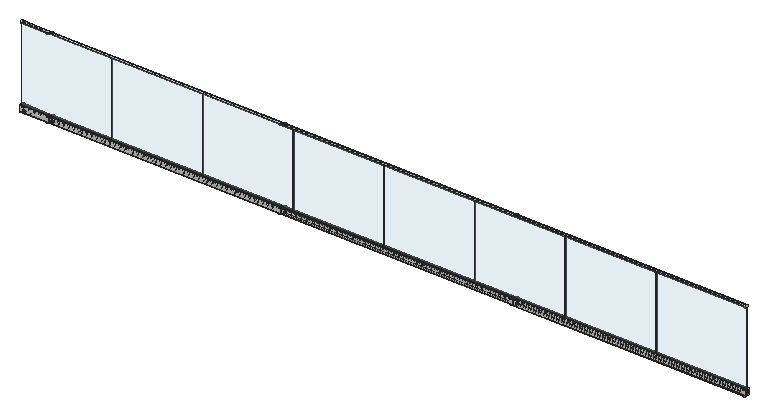
Revit family "34_LB_UNIQ_SB-O0.5S", category Generic Models, Revit 2016
Family settings
  Part Type = Normal
  Can host rebar = No
  Round Connector Dimension = Use Diameter
  Work Plane-Based = No
  Cut with Voids When Loaded = No
  Shared = No
  Room Calculation Point = No
Parameters (values of type "UNIQ_SB-O0.5S")
  verplatsing_passtuk [instance] = if(Passtuk_zichtbaar_omgekeerd, 0 mm, 100 mm)  # 0 mm
  Verstelbaar profiel = "nee"
  Uitvoering = "RVS look (standaard) materiaal is geanodiseerd en geschik voor binnen en buitengebruik."
  URL = "https://uniq-balustrades.com/profielen/top-mounted-o-small/uniq-sb-o-0-5s/"
  Profiel_zichtbaar_2 [instance] = [built-in parameter 1001306] > 7999 mm  # yes
  Profiel_zichtbaar_1 [instance] = and([built-in parameter 1001306] > 3999 mm, [built-in parameter 1001306] < 8000 mm)  # no
  Profiel_breedte_vast [instance] = 4000 mm  # constant formula
  Passtuk_zichtbaar_omgekeerd [instance] = not(Passtuk_zichtbaar)  # yes
  Passtuk_zichtbaar [instance] = or([built-in parameter 1001306] = 4000 mm, [built-in parameter 1001306] = 8000 mm, [built-in parameter 1001306] = 12000 mm, [built-in parameter 1001306] = 16000 mm, [built-in parameter 1001306] = 20000 mm, [built-in parameter 1001306] = 24000 mm, [built-in parameter 1001306] = 28000 mm, [built-in parameter 1001306] = 32000 mm, [built-in parameter 1001306] = 40000 mm)  # no
  Model = "UNIQ_SB-O0.5S"
  Materiaal_ribber = Rubber
  Materiaal_profiel = Aluminium
  Materiaal_pakking = Pakking
  Materiaal_glas = Glass
  Materiaal_afdekker = Aluminium
  Manufacturer = "SB Railing"
  built-in parameter 1001306 [instance] = 12500 mm
  Krachten = "Geschikt voor maximaal 0.5 KN"
  IsExternal [instance] = no
  IfcExportAs = "IfcRailing"
  Hoogte_railing [instance] = 1400 mm
  Hoogte_glas [instance] = Hoogte_railing - 14.7 mm - 21.9 mm  # 1363.4 mm
  Glas_dikte = 17.5 mm
  Gasdiktes = "Geschikt voor 6/6 pvb en 8/8 pvb"
  FireRating [instance] = "0"
  Dikte_glas = 17.5 mm
  Description = "UNIQ SB-O0.5S | VLOERMONTAGE"
  Cover_front_CF-320 = no
  Cover_front_CF-312 = no
  Cover_front_CF-303 = no
  Cover_front_CF-300 = yes
  Breedte_passtuk [instance] = if([built-in parameter 1001306] > 8000 mm, [built-in parameter 1001306] - (Aantal_profielen * Profiel_breedte_vast), [built-in parameter 1001306] - 4000 mm)  # 500 mm
  Breedte_glasplaten [instance] = ([built-in parameter 1001306] - ((Aantal_glasplaten - 1) * 10 mm)) / Aantal_glasplaten  # 1553.75 mm
  Bovenrailing = yes
  Ber_breedte_passtuk_4 [instance] = if([built-in parameter 1001306] > 4000 mm, Ber_breedte_passtuk_3 - 4 mm, Ber_breedte_passtuk_3)  # 496 mm
  Ber_breedte_passtuk_3 [instance] = if(Passtuk_zichtbaar_omgekeerd, Ber_breedte_passtuk_2, 100 mm)  # 500 mm
  Ber_breedte_passtuk_2 [instance] = if([built-in parameter 1001306] > 4000 mm, Breedte_passtuk, [built-in parameter 1001306])  # 500 mm
  Ber_breedte_passtuk_5 [instance] = if([built-in parameter 1001306] > 8000 mm, Ber_breedte_passtuk_3 - (Aantal_profielen * 4 mm), Ber_breedte_passtuk_4)  # 488 mm
  Assembly Code = "34.11"
  Aantal_profielen [instance] = if([built-in parameter 1001306] < 8000 mm, 2, ([built-in parameter 1001306] / 4000 mm) - 0.5)  # 3
  Aantal_glasplaten [instance] = 8
Reference planes
  plane 1 "Center (Front/Back)": y = 0
  plane 2: z = 0
  plane 3 "Left": x = 0
  plane 4 "Right": x = 12500
  plane 5: through (0, 2, 1219.2) normal (-0.7071, 0.7071, 0)
  plane 6: x = 488
  plane 7: x = 0
  plane 8: x = 4492
  plane 9: x = 492
  plane 10: x = 4496
  plane 11: z = 1400
  plane 12: z = 21
Lines and regions (mm)
  reference lines
    curve 1: line (0, 0, 0) -> (12500, 0, 0)
Dimensions and locks
  "built-in parameter 1001306": plane 3 "Left" to plane 4 "Right"
  plane 3 "Left" to plane 4 "Right" = 12500 mm
  "verplatsing_passtuk": plane 7 to plane 3 "Left"
  equal spacing: group 1, group 2, group 3  (x3)
  plane 6 to plane 8 = 4004 mm
  locked: plane 6 to plane 9 at 4
  locked: plane 8 to plane 10 at 4
  "Ber_breedte_passtuk_5": plane 7 to plane 6
  nested 6 to nested 6 = 10 mm
  "Hoogte_railing": plane 11 to level
  plane 12 to level = 21 mm  (x2)
  aligned and locked: plane 4 "Right" to curve 1
  aligned and locked: plane 1 "Center (Front/Back)" to curve 1
  aligned and locked: plane 3 "Left" to curve 1
  aligned and locked: level to plane 2
  aligned and locked: nested 1 to level
  aligned and locked: nested 2 to level
  aligned and locked: nested 3 to level
  aligned and locked: plane 7 to nested 2  (x2)
  aligned and locked: plane 1 "Center (Front/Back)" to nested 2
  aligned and locked: plane 1 "Center (Front/Back)" to nested 1
  aligned and locked: plane 1 "Center (Front/Back)" to nested 3
  aligned and locked: nested 4 to level
  aligned and locked: plane 9 to nested 3
  aligned and locked: plane 9 to nested 1
  aligned and locked: plane 10 to nested 4
  aligned and locked: plane 3 "Left" to nested 5
Nested families
  nested 1: "UNIQ_SB-O0.5S" at (492, 0, 0), Lengte <- "built-in parameter 1001306", Ber_Lengte <- "Profiel_breedte_vast", visible <- "Profiel_zichtbaar_1", Hoogte <- "Hoogte_railing", Bovenrailing <- "Bovenrailing", type "UNIQ_SB-A1_8.8.2"
    with Rubber Rubber, Pakking Rubber, Materiaal_profiel Aluminium, Materiaal_afdekker Aluminium, Lengte_schroef 3950 mm, Lengte 12500 mm, Hoogte 1400 mm, HOH_schroef 100 mm, HOH_boorgat_onder 600 mm, HOH_boorgat 300 mm, Bovenrailing yes, Ber_Lengte 4000 mm, Aantal_boorgat_onder 7, Aantal_boorgat 13, Aantal 40
  nested 2: "UNIQ_SB-O0.5S" at (0, 0, 0), Lengte <- "built-in parameter 1001306", Ber_Lengte <- "Ber_breedte_passtuk_5", visible <- "Passtuk_zichtbaar_omgekeerd", Hoogte <- "Hoogte_railing", Bovenrailing <- "Bovenrailing", type "UNIQ_SB-A1_8.8.2"
    with Rubber Rubber, Pakking Rubber, Materiaal_profiel Aluminium, Materiaal_afdekker Aluminium, Lengte_schroef 438 mm, Lengte 12500 mm, Hoogte 1400 mm, HOH_schroef 100 mm, HOH_boorgat_onder 600 mm, HOH_boorgat 300 mm, Bovenrailing yes, Ber_Lengte 488 mm, Aantal_boorgat_onder 2, Aantal_boorgat 2, Aantal 4
  nested 3: "UNIQ_SB-O0.5S" at (492, 0, 0), Lengte <- "built-in parameter 1001306", Ber_Lengte <- "Profiel_breedte_vast", visible <- "Profiel_zichtbaar_2", Hoogte <- "Hoogte_railing", Bovenrailing <- "Bovenrailing", Materiaal_afdekker <- "Materiaal_afdekker", Materiaal_profiel <- "Materiaal_profiel", Pakking <- "Materiaal_pakking", Rubber <- "Materiaal_ribber", type "UNIQ_SB-A1_8.8.2"
    with Rubber Rubber, Pakking Pakking, Materiaal_profiel Aluminium, Materiaal_afdekker Aluminium, Lengte_schroef 3950 mm, Lengte 12500 mm, Hoogte 1400 mm, HOH_schroef 100 mm, HOH_boorgat_onder 600 mm, HOH_boorgat 300 mm, Bovenrailing yes, Ber_Lengte 4000 mm, Aantal_boorgat_onder 7, Aantal_boorgat 13, Aantal 40
  nested 4: "UNIQ_SB-O0.5S" at (4496, 0, 0), Lengte <- "built-in parameter 1001306", Ber_Lengte <- "Profiel_breedte_vast", visible <- "Profiel_zichtbaar_2", Hoogte <- "Hoogte_railing", Bovenrailing <- "Bovenrailing", Materiaal_afdekker <- "Materiaal_afdekker", Materiaal_profiel <- "Materiaal_profiel", Pakking <- "Materiaal_pakking", Rubber <- "Materiaal_ribber", type "UNIQ_SB-A1_8.8.2"
    with Rubber Rubber, Pakking Pakking, Materiaal_profiel Aluminium, Materiaal_afdekker Aluminium, Lengte_schroef 3950 mm, Lengte 12500 mm, Hoogte 1400 mm, HOH_schroef 100 mm, HOH_boorgat_onder 600 mm, HOH_boorgat 300 mm, Bovenrailing yes, Ber_Lengte 4000 mm, Aantal_boorgat_onder 7, Aantal_boorgat 13, Aantal 40
  nested 5: "34_glasplaat_tbv_railing_V2" at (0, 2.75, 21), Dikte_glas <- "Dikte_glas", Hoogte_glas <- "Hoogte_glas", Aantal_glasplaten <- "Aantal_glasplaten", Ber_lengte <- "built-in parameter 1001306", type "34_glasplaat_tbv_railing_V2"
    with Lengte 12510 mm, Hoogte_glas 1363.4 mm, Dikte_glas 17.5 mm, Breedte_glasplaat 1563.75 mm, Ber_lengte 12500 mm, Aantal_glasplaten 8
  nested 6: "34_glasplaat" at (10936.25, 2.75, 21), type "34_glasplaat"
    with Lengte 1563.75 mm, Hoogte 1363.4 mm, Glas_dikte 17.5 mm, Glas_breedte 1553.75 mm, Glas Glass
  nested 7: "34_glasplaat" at (-10, 2.75, 21), type "34_glasplaat"
    with Lengte 1563.75 mm, Hoogte 1363.4 mm, Glas_dikte 17.5 mm, Glas_breedte 1553.75 mm, Glas Glass
  nested 8: "34_glasplaat" at (9372.5, 2.75, 21), type "34_glasplaat"
    with Lengte 1563.75 mm, Hoogte 1363.4 mm, Glas_dikte 17.5 mm, Glas_breedte 1553.75 mm, Glas Glass
  nested 9: "34_glasplaat" at (7808.75, 2.75, 21), type "34_glasplaat"
    with Lengte 1563.75 mm, Hoogte 1363.4 mm, Glas_dikte 17.5 mm, Glas_breedte 1553.75 mm, Glas Glass
  nested 10: "34_glasplaat" at (6245, 2.75, 21), type "34_glasplaat"
    with Lengte 1563.75 mm, Hoogte 1363.4 mm, Glas_dikte 17.5 mm, Glas_breedte 1553.75 mm, Glas Glass
  nested 11: "34_glasplaat" at (4681.25, 2.75, 21), type "34_glasplaat"
    with Lengte 1563.75 mm, Hoogte 1363.4 mm, Glas_dikte 17.5 mm, Glas_breedte 1553.75 mm, Glas Glass
  nested 12: "34_glasplaat" at (3117.5, 2.75, 21), type "34_glasplaat"
    with Lengte 1563.75 mm, Hoogte 1363.4 mm, Glas_dikte 17.5 mm, Glas_breedte 1553.75 mm, Glas Glass
  nested 13: "34_glasplaat" at (1553.75, 2.75, 21), type "34_glasplaat"
    with Lengte 1563.75 mm, Hoogte 1363.4 mm, Glas_dikte 17.5 mm, Glas_breedte 1553.75 mm, Glas Glass
  nested 14: "UNIQ_SB-O0.5S" at (8500, 0, 0), Lengte <- "built-in parameter 1001306", Ber_Lengte <- "Profiel_breedte_vast", visible <- "Profiel_zichtbaar_2", Hoogte <- "Hoogte_railing", Bovenrailing <- "Bovenrailing", Materiaal_afdekker <- "Materiaal_afdekker", Materiaal_profiel <- "Materiaal_profiel", Pakking <- "Materiaal_pakking", Rubber <- "Materiaal_ribber", type "UNIQ_SB-A1_8.8.2"
    with Rubber Rubber, Pakking Pakking, Materiaal_profiel Aluminium, Materiaal_afdekker Aluminium, Lengte_schroef 3950 mm, Lengte 12500 mm, Hoogte 1400 mm, HOH_schroef 100 mm, HOH_boorgat_onder 600 mm, HOH_boorgat 300 mm, Bovenrailing yes, Ber_Lengte 4000 mm, Aantal_boorgat_onder 7, Aantal_boorgat 13, Aantal 40
Definition of nested family "UNIQ_SB-O0.5S"
  Parameters (values of type "UNIQ_SB-O0.5S")
    Rubber [instance] = none
    Pakking [instance] = none
    Materiaal_profiel [instance] = none
    Materiaal_afdekker [instance] = none
    Lengte_schroef [instance] = Ber_Lengte - 50 mm  # 1200 mm
    Lengte [instance] = 1250 mm
    Hoogte [instance] = 1200 mm
    HOH_schroef [instance] = if(Ber_Lengte > 200 mm, 100 mm, 20 mm)  # 100 mm
    HOH_boorgat_onder [instance] = 600 mm
    HOH_boorgat [instance] = 300 mm
    Bovenrailing [instance] = yes
    Ber_Lengte [instance] = 1250 mm
    Aantal_boorgat_onder [instance] = if(Ber_Lengte > 900 mm, Ber_Lengte / HOH_boorgat_onder, 2)  # 2
    Aantal_boorgat [instance] = if(Ber_Lengte > 450 mm, Ber_Lengte / HOH_boorgat, 2)  # 4
    Aantal [instance] = Lengte_schroef / HOH_schroef  # 12
  Types (2): name
    UNIQ_SB-O0.5S
    UNIQ_SB-A1_8.8.2
  Reference planes
    plane 1 "Center (Front/Back)": y = 0
    plane 2: z = 0
    plane 3 "Center (Left/Right)": x = 0
    plane 4: x = 1250
    plane 5: x = 50
    plane 6: y = 15.517
    plane 7: x = 200
    plane 8: x = 1254
    plane 9: z = 1200
    plane 10: z = 1181.136
  Forms (mm)
    Sweep 1, solid, material <- "Materiaal_profiel"
      path origin (0, -19, 0) x (1, 0, 0) y (0, 1, 0)
        loop
          line (0, 0) -> (1250, 0)
      profile "Profiel_SB-O0.5S : Profiel_SB-A2" origin (625, -19, 0) x (0, 1, 0) y (0, 0, 1)
        loop
          line (7, 7) -> (31, 7)
          arc (31, 7) -> (31.354, 7.146) -> (31.5, 7.5) r 0.5
          line (31.5, 7.5) -> (31.5, 17.5)
          arc (31.5, 17.5) -> (31.354, 17.854) -> (31, 18) r 0.5
          line (31, 18) -> (7, 18)
          arc (7, 18) -> (6.646, 17.854) -> (6.5, 17.5) r 0.5
          line (6.5, 17.5) -> (6.5, 7.5)
          arc (6.5, 7.5) -> (6.646, 7.146) -> (7, 7) r 0.5
        loop
          line (20.112, 2) -> (36.5, 2) -> (36.5, 1)
          arc (36.5, 1) -> (36.793, 0.293) -> (37.5, 0) r 1
          line (37.5, 0) -> (45.5, 0)
          arc (45.5, 0) -> (46.207, 0.293) -> (46.5, 1) r 1
          line (46.5, 1) -> (46.5, 109.5)
          arc (46.5, 109.5) -> (46.354, 109.854) -> (46, 110) r 0.5
          line (46, 110) -> (31.5, 110) -> (31.5, 20) -> (19.031, 20) -> (6.5, 20) -> (-5.5, 64.785) -> (-5.5, 99) -> (-7.1, 99) -> (-7.1, 110) -> (-8.6, 110) -> (-8.6, 107) -> (-10, 107) -> (-10, 110) -> (-11.5, 110) -> (-11.5, 1)
          arc (-11.5, 1) -> (-11.207, 0.293) -> (-10.5, 0) r 1
          line (-10.5, 0) -> (-2.5, 0)
          arc (-2.5, 0) -> (-1.793, 0.293) -> (-1.5, 1) r 1
          line (-1.5, 1) -> (-1.5, 2) -> (20.112, 2)
    Sweep 2, solid, material <- "Pakking"
      path origin (0, -639, 0) x (1, 0, 0) y (0, 1, 0)
        loop
          line (0, 620) -> (1250, 620)
      profile "Rubber_onder_SB-O0.5S : Rubber_onder" origin (625, -19, 0) x (0, 1, 0) y (0, 0, 1)
        loop
          line (31.5, 21) -> (10.98, 21) -> (10.98, 20) -> (31.5, 20) -> (31.5, 21)
    Sweep 3, solid, material <- "Pakking"
      path origin (0, -899, 0) x (1, 0, 0) y (0, 1, 0)
        loop
          line (0, 880) -> (1250, 880)
      profile "Rubber_achter_SB-O0.5S : Rubber_voor" origin (625, -19, 0) x (0, 1, 0) y (0, 0, 1)
        loop
          line (12.98, 101) -> (10.98, 101) -> (10.98, 21) -> (12.98, 21) -> (12.98, 101)
    Sweep 4, solid
      path origin (0, -1119, 0) x (1, 0, 0) y (0, 1, 0)
        loop
          line (0, 1100) -> (1250, 1100)
      profile "Stelprofiel_01_SB-O0.5S : Stelprofiel_01" origin (625, -19, 0) x (0, 1, 0) y (0, 0, 1)
        loop
          line (10.48, 96.459) -> (4.48, 96.459)
          arc (4.48, 96.459) -> (4.126, 96.312) -> (3.98, 95.959) r 0.5
          line (3.98, 95.959) -> (3.98, 93.959)
          arc (3.98, 93.959) -> (3.834, 93.605) -> (3.48, 93.459) r 0.5
          line (3.48, 93.459) -> (1.98, 93.459)
          arc (1.98, 93.459) -> (1.626, 93.312) -> (1.48, 92.959) r 0.5
          line (1.48, 92.959) -> (1.48, 77.959)
          arc (1.48, 77.959) -> (1.626, 77.605) -> (1.98, 77.459) r 0.5
          line (1.98, 77.459) -> (3.98, 77.459) -> (3.98, 75.459) -> (5.981, 36.436) -> (5.981, 34.459)
          arc (5.981, 34.459) -> (5.835, 34.105) -> (5.481, 33.959) r 0.5
          line (5.481, 33.959) -> (2.723, 33.959) -> (4.733, 26.459) -> (10.48, 26.459)
          arc (10.48, 26.459) -> (10.834, 26.605) -> (10.98, 26.959) r 0.5
          line (10.98, 26.959) -> (10.98, 95.959)
          arc (10.98, 95.959) -> (10.834, 96.312) -> (10.48, 96.459) r 0.5
    Sweep 5, solid, material <- "Materiaal_afdekker"
      path origin (0, -2079, 0) x (1, 0, 0) y (0, 1, 0)
        loop
          line (0, 2060) -> (1250, 2060)
      profile "Afdekker_achter_01_SB-O0.5S : Afdekker_achter_01" origin (625, -19, 0) x (0, 1, 0) y (0, 0, 1)
        loop
          line (-11.5, 111.3) -> (-11.5, 110) -> (-10, 110) -> (-10, 107) -> (-8.6, 107) -> (-8.6, 110) -> (-7.1, 110) -> (-7.1, 99) -> (-5.5, 99) -> (-5.5, 110.2) -> (0.4, 110.2) -> (0.4, 103.1) -> (9.511, 103.1) -> (9.511, 104.2) -> (1.5, 104.2) -> (1.5, 110.2) -> (9.511, 110.2) -> (9.511, 111.3) -> (-11.5, 111.3)
    Sweep 6, solid, material <- "Rubber"
      path origin (0, -1359, 0) x (1, 0, 0) y (0, 1, 0)
        loop
          line (0, 1340) -> (1250, 1340)
      profile "Afdekker_achter_02_SB-O0.5S : Afdekker_achter_02" origin (625, -19, 0) x (0, 1, 0) y (0, 0, 1)
        loop
          line (10.313, 105.095) -> (12.98, 113.73) -> (12.98, 114.73) -> (11.98, 114.73) -> (10.344, 110.2) -> (3.41, 110.2) -> (1.5, 108.966) -> (1.5, 105.434) -> (3.41, 104.2) -> (10.311, 104.2) -> (10.313, 105.095)
    Sweep 7, solid, not visible
      path origin (-1900, -1400, 0) x (1, 0, 0) y (0, 1, 0)
        loop
          line (621, 1400) -> (629, 1400)
      profile "Stelprofiel_02 : Stelprofiel_02" origin (-1275, 0, 0) x (0, 1, 0) y (0, 0, 1)
        loop
          line (9, 166.532) -> (13.74, 166.532) -> (13.74, 174.532) -> (9, 174.532) -> (9, 166.532)
    Sweep 8, solid, not visible
      path origin (-1900, -1680, 0) x (1, 0, 0) y (0, 1, 0)
        loop
          line (617.493, 1680) -> (632.507, 1680)
      profile "Stelprofiel_03 : Stelprofiel_03" origin (-1275, 0, 0) x (0, 1, 0) y (0, 0, 1)
        loop
          line (9, 163.024) -> (9, 178.039) -> (6.758, 178.039) -> (6, 176.096) -> (6, 164.966) -> (6.757, 163.024) -> (9, 163.024)
    Extrusion 9, void, not visible
      sketch origin (-1279, 13.74, 174.532) x (-1, 0, 0) y (0, 0, -1)
        loop
          line (-9, 9) -> (-9, -1) -> (1, -1) -> (1, 9) -> (-9, 9)
        loop
          circle (-4, 4) r 4
      from -7.62 to 4.74
    Extrusion 10, void, not visible
      sketch origin (-1279, 13.74, 174.532) x (-1, 0, 0) y (0, 0, -1)
        loop
          line (-12.507, -4.507) -> (4.507, -4.507) -> (4.507, 12.507) -> (-12.507, 12.507) -> (-12.507, -4.507)
        loop
          line (-6.507, 11.507) -> (-11.507, 6.507) -> (-11.507, 1.493) -> (-6.507, -3.507) -> (-1.493, -3.507) -> (3.507, 1.493) -> (3.507, 6.507) -> (-1.493, 11.507) -> (-6.507, 11.507)
      from 4.74 to 9.74
    Sweep 11, solid, not visible
      path origin (-1900, -1400, 0) x (1, 0, 0) y (0, 1, 0)
        loop
          line (621, 1400) -> (629, 1400)
      profile "Stelprofiel_02 : Stelprofiel_02" origin (-1275, 0, 0) x (0, 1, 0) y (0, 0, 1)
        loop
          line (9, 166.532) -> (13.74, 166.532) -> (13.74, 174.532) -> (9, 174.532) -> (9, 166.532)
    Sweep 12, solid, not visible
      path origin (-1900, -1680, 0) x (1, 0, 0) y (0, 1, 0)
        loop
          line (617.493, 1680) -> (632.507, 1680)
      profile "Stelprofiel_03 : Stelprofiel_03" origin (-1275, 0, 0) x (0, 1, 0) y (0, 0, 1)
        loop
          line (9, 163.024) -> (9, 178.039) -> (6.758, 178.039) -> (6, 176.096) -> (6, 164.966) -> (6.757, 163.024) -> (9, 163.024)
    Extrusion 13, void, not visible
      sketch origin (-1279, 13.74, 174.532) x (-1, 0, 0) y (0, 0, -1)
        loop
          line (-9, 9) -> (-9, -1) -> (1, -1) -> (1, 9) -> (-9, 9)
        loop
          circle (-4, 4) r 4
      from -7.62 to 4.74
    Extrusion 14, void, not visible
      sketch origin (-1279, 13.74, 174.532) x (-1, 0, 0) y (0, 0, -1)
        loop
          line (-12.507, -4.507) -> (4.507, -4.507) -> (4.507, 12.507) -> (-12.507, 12.507) -> (-12.507, -4.507)
        loop
          line (-6.507, 11.507) -> (-11.507, 6.507) -> (-11.507, 1.493) -> (-6.507, -3.507) -> (-1.493, -3.507) -> (3.507, 1.493) -> (3.507, 6.507) -> (-1.493, 11.507) -> (-6.507, 11.507)
      from 4.74 to 9.74
    Extrusion 15, void, not visible
      sketch origin (210, 7, 13.764) x (-1, 0, 0) y (0, 0, 1)
        loop
          circle (112.168, 86.236) r 22.5
      from 34.517 to 87
    Extrusion 16, void, not visible
      sketch origin (210, 0, 13.5) x (1, 0, 0) y (0, 0, 1)
        loop
          arc (-117.168, 93.5) -> (-124.168, 86.5) -> (-117.168, 79.5) r 7
          line (-117.168, 79.5) -> (-107.168, 79.5)
          arc (-107.168, 79.5) -> (-100.168, 86.5) -> (-107.168, 93.5) r 7
          line (-107.168, 93.5) -> (-117.168, 93.5)
      from -6.381 to 4.008
    Extrusion 17, void
      sketch origin (274.606, 15.257, 26) x (1, 0, 0) y (0, 1, 0)
        loop
          arc (-80.606, -9.257) -> (-84.848, -11.014) -> (-86.606, -15.257) r 6
          arc (-86.606, -15.257) -> (-84.848, -19.499) -> (-80.606, -21.257) r 6
          line (-80.606, -21.257) -> (-68.606, -21.257)
          arc (-68.606, -21.257) -> (-64.363, -19.499) -> (-62.606, -15.257) r 6
          arc (-62.606, -15.257) -> (-64.363, -11.014) -> (-68.606, -9.257) r 6
          line (-68.606, -9.257) -> (-80.606, -9.257)
      from -24 to -19
    Extrusion 18, void, not visible
      sketch origin (274.606, 34.257, 26) x (1, 0, 0) y (0, 1, 0)
        loop
          arc (-80.606, -9.257) -> (-84.848, -11.014) -> (-86.606, -15.257) r 6
          arc (-86.606, -15.257) -> (-84.848, -19.499) -> (-80.606, -21.257) r 6
          line (-80.606, -21.257) -> (-68.606, -21.257)
          arc (-68.606, -21.257) -> (-64.363, -19.499) -> (-62.606, -15.257) r 6
          arc (-62.606, -15.257) -> (-64.363, -11.014) -> (-68.606, -9.257) r 6
          line (-68.606, -9.257) -> (-80.606, -9.257)
      from -24 to -19
    Extrusion 19, void
      sketch origin (874.606, 15.257, 26) x (1, 0, 0) y (0, 1, 0)
        loop
          arc (-80.606, -9.257) -> (-84.848, -11.014) -> (-86.606, -15.257) r 6
          arc (-86.606, -15.257) -> (-84.848, -19.499) -> (-80.606, -21.257) r 6
          line (-80.606, -21.257) -> (-68.606, -21.257)
          arc (-68.606, -21.257) -> (-64.363, -19.499) -> (-62.606, -15.257) r 6
          arc (-62.606, -15.257) -> (-64.363, -11.014) -> (-68.606, -9.257) r 6
          line (-68.606, -9.257) -> (-80.606, -9.257)
      from -24 to -19
    Extrusion 20, solid, material <- "Materiaal_afdekker", visible <- "Bovenrailing"
      sketch origin (0, 14.64, 0) x (0, 1, 0) y (0, 0, 1)
        loop
          arc (-25.4, 1166.63) -> (-11.9, 1199) -> (1.6, 1166.63) r 19
          line (1.6, 1166.63) -> (1.6, 1188.388) -> (-25.4, 1188.388) -> (-25.4, 1166.63)
        loop
          arc (2.311, 1165.927) -> (1.22, 1165.705) -> (0.6, 1166.63) r 1
          line (0.6, 1166.63) -> (0.6, 1187.388) -> (-24.4, 1187.388) -> (-24.4, 1166.63)
          arc (-24.4, 1166.63) -> (-25.019, 1165.705) -> (-26.11, 1165.927) r 1
          arc (-26.11, 1165.927) -> (-11.9, 1200) -> (2.311, 1165.927) r 20
      from 0 to 1250
    Extrusion 21, solid, material <- "Rubber", visible <- "Bovenrailing"
      sketch origin (0, 14.64, -4.375) x (0, 1, 0) y (0, 0, 1)
        loop
          line (-20.66, 1188.763) -> (-3.14, 1188.763) -> (-3.14, 1166.715) -> (0.6, 1170.455) -> (0.6, 1190.263)
          arc (0.6, 1190.263) -> (0.161, 1191.323) -> (-0.9, 1191.763) r 1.5
          line (-0.9, 1191.763) -> (-4.4, 1191.763) -> (-5.46, 1190.702) -> (-18.339, 1190.702) -> (-19.4, 1191.763) -> (-22.9, 1191.763)
          arc (-22.9, 1191.763) -> (-23.96, 1191.323) -> (-24.4, 1190.263) r 1.5
          line (-24.4, 1190.263) -> (-24.4, 1170.455) -> (-20.66, 1166.715) -> (-20.66, 1188.763)
        loop
          line (-18.748, 1189.904) -> (-20.107, 1191.263) -> (-21.66, 1191.263)
          arc (-21.66, 1191.263) -> (-22.484, 1190.829) -> (-22.593, 1189.904) r 1
          line (-22.593, 1189.904) -> (-18.748, 1189.904)
        loop
          arc (-1.206, 1189.904) -> (-1.315, 1190.829) -> (-2.14, 1191.263) r 1
          line (-2.14, 1191.263) -> (-3.693, 1191.263) -> (-5.051, 1189.904) -> (-1.206, 1189.904)
      from 0 to 1250
    Sweep 22, solid, material <- "Pakking"
      path origin (0, -899, 0) x (1, 0, 0) y (0, 1, 0)
        loop
          line (0, 880) -> (1250, 880)
      profile "Rubber_voor_SB-O0.5S : Rubber_voor" origin (625, -19, 0) x (0, 1, 0) y (0, 0, 1)
        loop
          line (31.5, 110) -> (30.5, 110) -> (30.5, 21) -> (31.5, 21) -> (31.5, 110)
  Cuts and joins
    Extrusion 17, Extrusion 19 cuts Sweep 1
  Lines and regions (mm)
    model lines, not visible
      curve 1: circle (-1275, 13.74, 170.532) r 4 normal (0, 1, 0)
      curve 2: circle (-1275, 13.74, 170.532) r 4 normal (0, 1, 0)
      curve 3: line (-1275, 9, 0) -> (-1275, 13.74, 0)
      curve 4: line (97.832, 0, 50) -> (97.832, 0, 62)
  Dimensions and locks
    "Ber_Lengte": plane 3 "Center (Left/Right)" to plane 4
    "Lengte_schroef": plane 5 to plane 4
    group 4 to group 6 = 600 mm
    group 4 to group 6 = 0 mm  (x2)
    plane 7 to plane 3 "Center (Left/Right)" = 200 mm  (x2)
    plane 5 to plane 3 "Center (Left/Right)" = 50 mm  (x2)
    plane 3 "Center (Left/Right)" to plane 4 = 1250 mm
    locked: plane 4 to plane 8 at 4
    "Hoogte": plane 9 to level
    locked: plane 9 to plane 10 at 18.864
    equal spacing: group 7, group 8, group 9, group 10, group 11, group 12, group 13, group 14, group 15, group 16, group 17, group 18  (x3)
    "HOH_schroef": nested 1 to nested 2
    aligned and locked: level to plane 2
    aligned and locked: plane 4 to Sweep 1 sketch curve
    aligned and locked: plane 3 "Center (Left/Right)" to Sweep 1 sketch curve
    aligned and locked: plane 4 to Sweep 2 sketch curve
    aligned and locked: plane 3 "Center (Left/Right)" to Sweep 2 sketch curve
    aligned and locked: plane 3 "Center (Left/Right)" to Sweep 3 sketch curve
    aligned and locked: plane 4 to Sweep 3 sketch curve
    aligned and locked: plane 3 "Center (Left/Right)" to Sweep 4 sketch curve
    aligned and locked: plane 4 to Sweep 4 sketch curve
    aligned and locked: plane 3 "Center (Left/Right)" to Sweep 5 sketch curve
    aligned and locked: plane 4 to Sweep 5 sketch curve
    aligned and locked: plane 3 "Center (Left/Right)" to Sweep 6 sketch curve
    aligned and locked: plane 4 to Sweep 6 sketch curve
    aligned and locked: plane 4 to Extrusion 20
    aligned and locked: plane 4 to Extrusion 21
    aligned and locked: plane 5 to nested 1
  Automatic sketch dimensions
    Sweep 8 sketch curve to Sweep 8 sketch curve = 15.015 mm
    Sweep 7 to Extrusion 9 sketch curve = 1 mm  (x2)
    Extrusion 9 sketch curve to Sweep 7 = 4 mm
    Extrusion 9 sketch curve to Sweep 7 = 1 mm  (x2)
    Sweep 7 to Extrusion 9 sketch curve = 4 mm
    Sweep 7 to Extrusion 10 sketch curve = 4.507 mm  (x2)
    Sweep 7 to Extrusion 10 sketch curve = 1.493 mm  (x4)
    Sweep 7 to Extrusion 10 sketch curve = 3.507 mm  (x2)
    Extrusion 10 sketch curve to Sweep 7 = 1.493 mm  (x4)
    Extrusion 10 sketch curve to Sweep 7 = 3.507 mm  (x2)
    Extrusion 10 sketch curve to Sweep 7 = 4.507 mm  (x2)
    Sweep 7 sketch curve to Sweep 7 sketch curve = 8 mm
    Sweep 12 sketch curve to Sweep 12 sketch curve = 15.015 mm
    Sweep 11 to Extrusion 13 sketch curve = 1 mm  (x2)
    Extrusion 13 sketch curve to Sweep 11 = 4 mm
    Extrusion 13 sketch curve to Sweep 11 = 1 mm  (x2)
    Sweep 11 to Extrusion 13 sketch curve = 4 mm
    Sweep 11 to Extrusion 14 sketch curve = 4.507 mm  (x2)
    Sweep 11 to Extrusion 14 sketch curve = 1.493 mm  (x4)
    Sweep 11 to Extrusion 14 sketch curve = 3.507 mm  (x2)
    Extrusion 14 sketch curve to Sweep 11 = 1.493 mm  (x4)
    Extrusion 14 sketch curve to Sweep 11 = 3.507 mm  (x2)
    Extrusion 14 sketch curve to Sweep 11 = 4.507 mm  (x2)
    Sweep 11 sketch curve to Sweep 11 sketch curve = 8 mm
    curve 3 to curve 3 = 4.74 mm
    curve 4 to curve 4 = 12 mm
    Extrusion 16 sketch curve to Extrusion 16 sketch curve = 10 mm
    Extrusion 16 sketch curve to Extrusion 16 sketch curve = 7 mm
    Extrusion 19 sketch curve to Extrusion 19 sketch curve = 0 mm  (x4)
    Extrusion 19 sketch curve to Extrusion 19 sketch curve = 12 mm
    Extrusion 19 sketch curve to Extrusion 19 sketch curve = 6 mm
    Extrusion 17 sketch curve to Extrusion 17 sketch curve = 0 mm  (x4)
    Extrusion 17 sketch curve to Extrusion 17 sketch curve = 12 mm
    Extrusion 17 sketch curve to Extrusion 17 sketch curve = 6 mm
    Extrusion 18 sketch curve to Extrusion 18 sketch curve = 0 mm  (x4)
    Extrusion 18 sketch curve to Extrusion 18 sketch curve = 12 mm
    Extrusion 18 sketch curve to Extrusion 18 sketch curve = 6 mm
    plane 1 "Center (Front/Back)" to Sweep 1 sketch curve = 19 mm
    plane 1 "Center (Front/Back)" to Sweep 2 sketch curve = 19 mm
    plane 1 "Center (Front/Back)" to Sweep 3 sketch curve = 19 mm
    plane 1 "Center (Front/Back)" to Sweep 4 sketch curve = 19 mm
    plane 1 "Center (Front/Back)" to Sweep 5 sketch curve = 19 mm
    plane 1 "Center (Front/Back)" to Sweep 6 sketch curve = 19 mm
    Sweep 22 sketch curve to plane 3 "Center (Left/Right)" = 0 mm
    Sweep 22 sketch curve to plane 4 = 0 mm
    plane 1 "Center (Front/Back)" to Sweep 22 sketch curve = 19 mm
    Extrusion 20 sketch curve to Extrusion 20 sketch curve = 0 mm  (x7)
    plane 6 to Extrusion 20 sketch curve = 26.277 mm
    Extrusion 20 sketch curve to Extrusion 20 sketch curve = 1 mm  (x3)
    Extrusion 20 sketch curve to Extrusion 20 sketch curve = 12.5 mm  (x2)
    plane 10 to Extrusion 20 sketch curve = 7.251 mm
    Extrusion 20 sketch curve to Extrusion 20 sketch curve = 7.388 mm
    Extrusion 20 sketch curve to Extrusion 20 sketch curve = 13.37 mm
    Extrusion 21 sketch curve to Extrusion 21 sketch curve = 1.5 mm  (x2)
    Extrusion 21 sketch curve to Extrusion 21 sketch curve = 0.307 mm  (x2)
    Extrusion 21 sketch curve to Extrusion 21 sketch curve = 0.933 mm  (x2)
    Extrusion 21 sketch curve to Extrusion 21 sketch curve = 3.74 mm  (x3)
    Extrusion 21 sketch curve to Extrusion 21 sketch curve = 1.553 mm  (x2)
    Extrusion 21 sketch curve to Extrusion 21 sketch curve = 0.707 mm  (x2)
    Extrusion 21 sketch curve to Extrusion 21 sketch curve = 1.912 mm
    Extrusion 21 sketch curve to Extrusion 21 sketch curve = 0.409 mm  (x2)
    Extrusion 21 sketch curve to Extrusion 21 sketch curve = 12.879 mm
    Extrusion 21 sketch curve to Extrusion 21 sketch curve = 1.061 mm  (x2)
    Extrusion 21 sketch curve to Extrusion 21 sketch curve = 17.52 mm
    Extrusion 21 sketch curve to Extrusion 21 sketch curve = 0 mm
    Extrusion 21 sketch curve to Extrusion 21 sketch curve = 0.5 mm  (x2)
    Extrusion 21 sketch curve to Extrusion 21 sketch curve = 1 mm  (x2)
    Extrusion 21 sketch curve to Extrusion 21 sketch curve = 1.141 mm
    Extrusion 21 sketch curve to Extrusion 21 sketch curve = 18.307 mm  (x2)
    plane 6 to Extrusion 21 sketch curve = 25.277 mm
    Extrusion 21 sketch curve to plane 10 = 18.796 mm
    radius of Extrusion 9 sketch curve = 4 mm
    radius of Extrusion 13 sketch curve = 4 mm
    radius of Extrusion 15 sketch curve = 22.5 mm
  Nested families
    nested 1: "06_Stelprofiel_04_SCHROEF_SB-O0.5S" at (42.5, 0, -0.004), type "06_Stelprofiel_04_SCHROEF"
    nested 2: "06_Stelprofiel_04_SCHROEF_SB-O0.5S" at (142.5, 0, -0.004), type "06_Stelprofiel_04_SCHROEF"
    nested 3: "06_Stelprofiel_04_SCHROEF_SB-O0.5S" at (242.5, 0, -0.004), type "06_Stelprofiel_04_SCHROEF"
    nested 4: "06_Stelprofiel_04_SCHROEF_SB-O0.5S" at (342.5, 0, -0.004), type "06_Stelprofiel_04_SCHROEF"
    nested 5: "06_Stelprofiel_04_SCHROEF_SB-O0.5S" at (442.5, 0, -0.004), type "06_Stelprofiel_04_SCHROEF"
    nested 6: "06_Stelprofiel_04_SCHROEF_SB-O0.5S" at (542.5, 0, -0.004), type "06_Stelprofiel_04_SCHROEF"
    nested 7: "06_Stelprofiel_04_SCHROEF_SB-O0.5S" at (642.5, 0, -0.004), type "06_Stelprofiel_04_SCHROEF"
    nested 8: "06_Stelprofiel_04_SCHROEF_SB-O0.5S" at (742.5, 0, -0.004), type "06_Stelprofiel_04_SCHROEF"
    nested 9: "06_Stelprofiel_04_SCHROEF_SB-O0.5S" at (842.5, 0, -0.004), type "06_Stelprofiel_04_SCHROEF"
    nested 10: "06_Stelprofiel_04_SCHROEF_SB-O0.5S" at (942.5, 0, -0.004), type "06_Stelprofiel_04_SCHROEF"
    nested 11: "06_Stelprofiel_04_SCHROEF_SB-O0.5S" at (1042.5, 0, -0.004), type "06_Stelprofiel_04_SCHROEF"
    nested 12: "06_Stelprofiel_04_SCHROEF_SB-O0.5S" at (1142.5, 0, -0.004), type "06_Stelprofiel_04_SCHROEF"
  Definition of nested family "06_Stelprofiel_04_SCHROEF_SB-O0.5S"
    Reference planes
      plane 1 "Center (Front/Back)": y = 0
      plane 2: z = 0
      plane 3 "Center (Left/Right)": x = 0
    Forms (mm)
      Extrusion 1, solid
        sketch origin (0, -18.52, -85.072) x (1, 0, 0) y (0, 0, 1)
          loop
            circle (7.504, 170.535) r 3.996
        from -1 to 2.98
      Sweep 2, solid
        path origin (0, -11.5, -85.072) x (1, 0, 0) y (0, 1, 0)
          loop
            line (0, 0) -> (15, 0)
        profile "06_Stelprofiel_03 : 06_Stelprofiel_03" origin (7.5, -11.5, -85.072) x (0, 1, 0) y (0, 0, 1)
          loop
            line (-12.243, 163.024) -> (-10, 163.024) -> (-10, 178.038) -> (-12.242, 178.038) -> (-13, 176.096) -> (-13, 164.966) -> (-12.243, 163.024)
      Extrusion 3, void
        sketch origin (0, -16.76, -85.072) x (1, 0, 0) y (0, 0, 1)
          loop
            line (16, 179.038) -> (-1, 179.038) -> (-1, 162.024) -> (16, 162.024) -> (16, 179.038)
          loop
            line (15, 173.038) -> (10, 178.038) -> (5, 178.038) -> (0, 173.038) -> (0, 168.024) -> (5, 163.024) -> (10, 163.024) -> (15, 168.024) -> (15, 173.038)
        from 4.74 to 7.74
      Extrusion 4, solid, not visible
        sketch origin (0, -18.52, -85.072) x (1, 0, 0) y (0, 0, 1)
          loop
            circle (7.504, 170.535) r 3.996
        from -1 to 2.98
      Sweep 5, solid, not visible
        path origin (0, -11.5, -85.072) x (1, 0, 0) y (0, 1, 0)
          loop
            line (0, 0) -> (15, 0)
        profile "06_Stelprofiel_03 : 06_Stelprofiel_03" origin (7.5, -11.5, -85.072) x (0, 1, 0) y (0, 0, 1)
          loop
            line (-12.243, 163.024) -> (-10, 163.024) -> (-10, 178.038) -> (-12.242, 178.038) -> (-13, 176.096) -> (-13, 164.966) -> (-12.243, 163.024)
      Extrusion 6, void, not visible
        sketch origin (0, -16.76, -85.072) x (1, 0, 0) y (0, 0, 1)
          loop
            line (16, 179.038) -> (-1, 179.038) -> (-1, 162.024) -> (16, 162.024) -> (16, 179.038)
          loop
            line (15, 173.038) -> (10, 178.038) -> (5, 178.038) -> (0, 173.038) -> (0, 168.024) -> (5, 163.024) -> (10, 163.024) -> (15, 168.024) -> (15, 173.038)
        from 4.74 to 7.74
    Cuts and joins
      Extrusion 3 cuts Sweep 2
    Lines and regions (mm)
      model lines
        curve 1: line (7.5, -4.74, 0) -> (7.5, 0, 0)
      model lines, not visible
        curve 2: line (7.5, -4.74, 0) -> (7.5, 0, 0)
    Dimensions and locks
      aligned and locked: level to plane 2
Definition of nested family "34_glasplaat"
  Parameters (values of type "34_glasplaat")
    Lengte [instance] = 1200 mm
    Hoogte [instance] = 800 mm
    Glas_dikte [instance] = 21.5 mm
    Glas_breedte [instance] = Lengte - 10 mm  # 1190 mm
    Glas [instance] = none
  Types (2): name
    34_glasplaat
    34_glasplaat 2
  Reference planes
    plane 1 "Center (Front/Back)": y = 0
    plane 2: z = 0
    plane 3 "Center (Left/Right)": x = 0
    plane 4: x = 1200
    plane 5: z = 800
    plane 6: y = 10.75
    plane 7: y = -10.75
    plane 8: x = 10
  Forms (mm)
    Extrusion 1, solid, material <- "Glas"
      sketch origin (0, 0, 0) x (1, 0, 0) y (0, 1, 0)
        loop
          line (10, -10.75) -> (1200, -10.75) -> (1200, 10.75) -> (10, 10.75) -> (10, -10.75)
      from 0 to 800
  Dimensions and locks
    "Lengte": plane 3 "Center (Left/Right)" to plane 4
    "Hoogte": plane 5 to level
    "Glas_dikte": plane 6 to plane 7
    equal spacing: plane 6, plane 1 "Center (Front/Back)", plane 7
    locked: plane 3 "Center (Left/Right)" to plane 8 at 10
    aligned and locked: level to plane 2
    aligned and locked: Extrusion 1 sketch curve to plane 7
    aligned and locked: Extrusion 1 to plane 8
    aligned and locked: plane 6 to Extrusion 1 sketch curve
    aligned and locked: plane 5 to Extrusion 1
  Automatic sketch dimensions
    Extrusion 1 sketch curve to plane 8 = 0 mm
    Extrusion 1 sketch curve to plane 4 = 0 mm
Definition of nested family "34_glasplaat_tbv_railing_V2"
  Parameters (values of type "34_glasplaat_tbv_railing_V2")
    Materiaal_glas = none
    Lengte [instance] = Ber_lengte + 10 mm  # 5000 mm
    Hoogte_glas [instance] = 1000 mm
    Dikte_glas [instance] = 21.5 mm
    Breedte_glasplaat [instance] = Lengte / Aantal_glasplaten  # 1000 mm
    Ber_lengte [instance] = 4990 mm
    Aantal_glasplaten [instance] = 5
  Reference planes
    plane 1 "Center (Front/Back)": y = 0
    plane 2: z = 0
    plane 3 "Center (Left/Right)": x = 0
    plane 4: x = 5000
    plane 5: x = 4990
  Dimensions and locks
    "Lengte": plane 3 "Center (Left/Right)" to plane 4
    equal spacing: group 1, group 2, group 3, group 4, group 5  (x3)
    locked: plane 5 to plane 4 at 10
    aligned and locked: level to plane 2
    aligned and locked: plane 1 "Center (Front/Back)" to nested 1
    aligned and locked: nested 1 to plane 3 "Center (Left/Right)"
    aligned and locked: nested 2 to nested 1
  Nested families
    nested 1: "34_glasplaat" at (-10, 0, 0), Glas <- "Materiaal_glas", Lengte <- "Breedte_glasplaat", Hoogte <- "Hoogte_glas", Glas_dikte <- "Dikte_glas", type "34_glasplaat"
      with Lengte 1000 mm, Hoogte 1000 mm, Glas_dikte 21.5 mm, Glas_breedte 990 mm, Glas none
    nested 2: "34_glasplaat" at (990, 0, 0), Glas <- "Materiaal_glas", Lengte <- "Breedte_glasplaat", Hoogte <- "Hoogte_glas", Glas_dikte <- "Dikte_glas", type "34_glasplaat"
      with Lengte 1000 mm, Hoogte 1000 mm, Glas_dikte 21.5 mm, Glas_breedte 990 mm, Glas none
    nested 3: "34_glasplaat" at (1990, 0, 0), Glas <- "Materiaal_glas", Lengte <- "Breedte_glasplaat", Hoogte <- "Hoogte_glas", Glas_dikte <- "Dikte_glas", type "34_glasplaat"
      with Lengte 1000 mm, Hoogte 1000 mm, Glas_dikte 21.5 mm, Glas_breedte 990 mm, Glas none
    nested 4: "34_glasplaat" at (2990, 0, 0), Glas <- "Materiaal_glas", Lengte <- "Breedte_glasplaat", Hoogte <- "Hoogte_glas", Glas_dikte <- "Dikte_glas", type "34_glasplaat"
      with Lengte 1000 mm, Hoogte 1000 mm, Glas_dikte 21.5 mm, Glas_breedte 990 mm, Glas none
    nested 5: "34_glasplaat" at (3990, 0, 0), Glas <- "Materiaal_glas", Lengte <- "Breedte_glasplaat", Hoogte <- "Hoogte_glas", Glas_dikte <- "Dikte_glas", type "34_glasplaat"
      with Lengte 1000 mm, Hoogte 1000 mm, Glas_dikte 21.5 mm, Glas_breedte 990 mm, Glas none
  Definition of nested family "34_glasplaat"
    Parameters (values of type "34_glasplaat")
      Lengte [instance] = 1200 mm
      Hoogte [instance] = 800 mm
      Glas_dikte [instance] = 21.5 mm
      Glas_breedte [instance] = Lengte - 10 mm  # 1190 mm
      Glas [instance] = none
    Types (2): name
      34_glasplaat
      34_glasplaat 2
    Reference planes
      plane 1 "Center (Front/Back)": y = 0
      plane 2: z = 0
      plane 3 "Center (Left/Right)": x = 0
      plane 4: x = 1200
      plane 5: z = 800
      plane 6: y = 10.75
      plane 7: y = -10.75
      plane 8: x = 10
    Forms (mm)
      Extrusion 1, solid, material <- "Glas"
        sketch origin (0, 0, 0) x (1, 0, 0) y (0, 1, 0)
          loop
            line (10, -10.75) -> (1200, -10.75) -> (1200, 10.75) -> (10, 10.75) -> (10, -10.75)
        from 0 to 800
    Dimensions and locks
      "Lengte": plane 3 "Center (Left/Right)" to plane 4
      "Hoogte": plane 5 to level
      "Glas_dikte": plane 6 to plane 7
      equal spacing: plane 6, plane 1 "Center (Front/Back)", plane 7
      locked: plane 3 "Center (Left/Right)" to plane 8 at 10
      aligned and locked: level to plane 2
      aligned and locked: Extrusion 1 sketch curve to plane 7
      aligned and locked: Extrusion 1 to plane 8
      aligned and locked: plane 6 to Extrusion 1 sketch curve
      aligned and locked: plane 5 to Extrusion 1
    Automatic sketch dimensions
      Extrusion 1 sketch curve to plane 8 = 0 mm
      Extrusion 1 sketch curve to plane 4 = 0 mm
